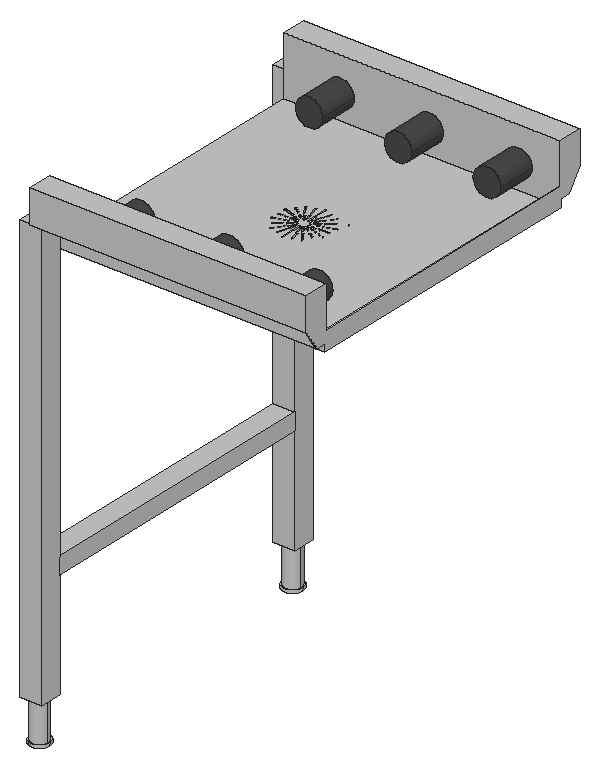
Revit family "QF_ELECTROLUXPROFESSIONAL_863138_HSSRC5", category Specialty Equipment, Revit 2018 (continued)
Automatic sketch dimensions
  curve 71 to plane 1 "Centro (Fronte/Retro)" = 16.071 mm
  curve 70 to curve 71 = 0.997 mm
  plane 1 "Centro (Fronte/Retro)" to curve 87 = 14.888 mm
  curve 88 to curve 87 = 0.295 mm
  curve 71 to plane 1 "Centro (Fronte/Retro)" = 15.164 mm
  curve 71 to curve 71 = 0.295 mm
  curve 17 to curve 18 = 50 mm
  curve 353 to curve 352 = 50 mm
  curve 345 to plane 4 "BACK" = 49.466 mm
  curve 18 to curve 345 = 110.714 mm
  curve 351 to curve 358 = 110.714 mm
  curve 345 to curve 345 = 50 mm
  curve 357 to curve 356 = 50 mm
  plane 5 "FRONT" to curve 357 = 49.466 mm
  plane 5 "FRONT" to curve 353 = 49.466 mm
  plane 5 "FRONT" to curve 348 = 49.466 mm
  curve 356 to curve 355 = 69.954 mm
  curve 348 to curve 348 = 69.954 mm
  curve 353 to curve 351 = 69.954 mm
  curve 119 to curve 125 = 6.439 mm
  curve 132 to curve 122 = 0.589 mm
  curve 123 to curve 269 = 3.807 mm
  curve 264 to curve 282 = 1.083 mm
  curve 202 to curve 185 = 0.05 mm
  curve 187 to curve 339 = 0.334 mm
  curve 189 to curve 43 = 3.807 mm
  curve 33 to curve 38 = 5.376 mm
  curve 344 to curve 344 = 69.954 mm
  curve 20 to curve 19 = 69.954 mm
  curve 13 to curve 17 = 0 mm
  curve 16 to plane 4 "BACK" = 49.466 mm
  plane 3 "LEFT" to curve 8 = 30 mm
  curve 317 to curve 181 = 3.865 mm
  curve 7 to curve 7 = 30 mm
  plane 5 "FRONT" to curve 6 = 45.021 mm
  curve 10 to curve 119 = 12.488 mm
  curve 11 to curve 100 = 4.349 mm
  curve 3 to curve 1 = 45.021 mm
  Extrusion 1 sketch curve to plane 3 "LEFT" = 41.168 mm
  Extrusion 1 sketch curve to plane 3 "LEFT" = 1.168 mm
  level to Extrusion 1 sketch curve = 270 mm
  Extrusion 1 sketch curve to Extrusion 1 sketch curve = 30 mm
  Extrusion 2 sketch curve to plane 5 "FRONT" = 0 mm
  Extrusion 2 sketch curve to plane 6 = 0 mm  (x2)
  Extrusion 2 sketch curve to plane 4 "BACK" = 0 mm
  plane 5 "FRONT" to Extrusion 2 sketch curve = 45.021 mm
  Extrusion 2 sketch curve to plane 4 "BACK" = 45.021 mm
  Extrusion 2 sketch curve to Extrusion 2 sketch curve = 59.967 mm  (x2)
  plane 5 "FRONT" to Extrusion 3 sketch curve = 43.536 mm
  Extrusion 3 sketch curve to Extrusion 3 sketch curve = 1.486 mm
  Extrusion 3 sketch curve to plane 4 "BACK" = 45.021 mm
  Extrusion 3 sketch curve to Extrusion 3 sketch curve = 1.529 mm
  Extrusion 3 sketch curve to plane 6 = 109.919 mm
  Extrusion 3 sketch curve to Extrusion 3 sketch curve = 3 mm
  Extrusion 3 sketch curve to Extrusion 3 sketch curve = 46.952 mm  (x2)
  Extrusion 4 sketch curve to plane 5 "FRONT" = 0 mm
  Extrusion 4 sketch curve to plane 6 = 0 mm  (x2)
  Extrusion 4 sketch curve to plane 4 "BACK" = 0 mm
  plane 5 "FRONT" to Extrusion 4 sketch curve = 23.764 mm
  Extrusion 4 sketch curve to Extrusion 4 sketch curve = 19.352 mm  (x2)
  plane 5 "FRONT" to Extrusion 4 sketch curve = 45.021 mm
  Extrusion 4 sketch curve to plane 4 "BACK" = 45.021 mm
  Extrusion 4 sketch curve to Extrusion 4 sketch curve = 1.905 mm
  Extrusion 4 sketch curve to Extrusion 4 sketch curve = 59.967 mm  (x2)
  Extrusion 4 sketch curve to Extrusion 4 sketch curve = 15.444 mm
  Extrusion 4 sketch curve to Extrusion 4 sketch curve = 20.221 mm  (x2)
  Extrusion 4 sketch curve to Extrusion 4 sketch curve = 14.287 mm
  Revolve 5 sketch curve to plane 1 "Centro (Fronte/Retro)" = 0 mm  (x2)
  plane 1 "Centro (Fronte/Retro)" to Revolve 5 sketch curve = 45.447 mm
  Revolve 5 sketch curve to Revolve 5 sketch curve = 1.52 mm
  Revolve 5 sketch curve to Revolve 5 sketch curve = 11.998 mm
  Revolve 5 sketch curve to Revolve 5 sketch curve = 4.762 mm
  Revolve 5 sketch curve to Revolve 5 sketch curve = 4.974 mm
  Revolve 5 sketch curve to plane 6 = 145.915 mm
  Revolve 5 sketch curve to Revolve 5 sketch curve = 5.727 mm
  Revolve 5 sketch curve to Revolve 5 sketch curve = 11.901 mm
  Revolve 5 sketch curve to Revolve 5 sketch curve = 3.704 mm
  Revolve 5 sketch curve to Revolve 5 sketch curve = 11.924 mm
  Revolve 5 sketch curve to Revolve 5 sketch curve = 2.681 mm
  Revolve 5 sketch curve to Revolve 5 sketch curve = 3 mm
  Revolve 5 sketch curve to Revolve 5 sketch curve = 14.991 mm
  Revolve 6 sketch curve to plane 1 "Centro (Fronte/Retro)" = 0 mm  (x2)
  Revolve 6 sketch curve to plane 1 "Centro (Fronte/Retro)" = 20.976 mm
  Revolve 6 sketch curve to plane 6 = 165.904 mm
  Revolve 6 sketch curve to plane 1 "Centro (Fronte/Retro)" = 23.516 mm
  Revolve 6 sketch curve to Revolve 6 sketch curve = 2.434 mm
  Revolve 6 sketch curve to Revolve 6 sketch curve = 8.043 mm
  Revolve 6 sketch curve to Revolve 6 sketch curve = 2.54 mm  (x2)
  Revolve 6 sketch curve to Revolve 6 sketch curve = 16.983 mm
  Revolve 6 sketch curve to Revolve 6 sketch curve = 3.127 mm
  Revolve 6 sketch curve to Revolve 6 sketch curve = 7.343 mm
  Masking region 1 sketch curve to plane 3 "LEFT" = 0 mm
  Masking region 1 sketch curve to plane 5 "FRONT" = 0 mm
  Masking region 1 sketch curve to plane 7 "RIGHT" = 0 mm
  Masking region 1 sketch curve to plane 4 "BACK" = 0 mm
  plane 3 "LEFT" to Extrusion 7 sketch curve = 85.624 mm
  Extrusion 7 sketch curve to plane 7 "RIGHT" = 92.376 mm
  Extrusion 7 sketch curve to plane 6 = 59.885 mm  (x3)
  Extrusion 18 sketch curve to plane 1 "Centro (Fronte/Retro)" = 0.162 mm
  Extrusion 18 sketch curve to plane 7 "RIGHT" = 271.468 mm
  plane 3 "LEFT" to Extrusion 29 sketch curve = 85.624 mm
  Extrusion 29 sketch curve to plane 7 "RIGHT" = 92.376 mm
  Extrusion 29 sketch curve to plane 6 = 59.885 mm  (x3)
  radius of Extrusion 7 sketch curve = 25 mm  (x3)
  radius of Extrusion 18 sketch curve = 5 mm
  radius of Extrusion 29 sketch curve = 25 mm  (x3)
Nested families
  nested 1: "Foot_40x40" at (-1059.929, 361.245, 0), type "Foot_40x40"
    with A 850.033 mm
  nested 2: "Foot_40x40" at (-1059.929, -211.771, 0), type "Foot_40x40"
    with A 850.033 mm
Connectors
  piping at (-778.761, 74.737, 744.096), diameter 30
    settings: on cut or joined group of Extrusion 2, Extrusion 3, Extrusion 4, Revolve 5, Revolve 6, Extrusion 8, Extrusion 9, Extrusion 10, Extrusion 11, Extrusion 12, Extrusion 13, Extrusion 14, Extrusion 15, Extrusion 16, Extrusion 17, Extrusion 19, Extrusion 20, Extrusion 21, Extrusion 22, Extrusion 23, Extrusion 24, Extrusion 25, Extrusion 26, Extrusion 27, Extrusion 28, index 1, connector inside diameter 609.6 mm, connector length 0 mm, flow factor 0, pipe flow 0.0 L/s, pressure drop 0.0 Pa, fitting loss kfactor 0, connector angle 0.00°, fixture units 0, engagement length 0 mm, angle of deflection 0.00°, flow configuration 1, flow direction 2, fitting loss method 0, system type 16, joint type 0, gender type 0, connector reference index -1, connector utility 0, adjustable connector no, is connector primary yes, connector description "Drain"
Definition of nested family "Foot_40x40"
  Parameters
    A [instance] = 850 mm
  Reference planes
    plane 1 "Centro (Fronte/Retro)": y = 0
    plane 2: z = 0
    plane 3 "Centro (Sinistra/Destra)": x = 0
    plane 4: z = 850
  Forms (mm)
    Extrusion 1, solid
      sketch origin (0, 0, 0) x (1, 0, 0) y (0, 1, 0)
        loop
          circle (0, 0) r 18
      from 0 to 5
    Extrusion 2, solid
      sketch origin (0, 0, 5) x (1, 0, 0) y (0, 1, 0)
        loop
          circle (0, 0) r 15
      from 0 to 70
    Extrusion 3, solid
      sketch origin (0, 0, 75) x (1, 0, 0) y (0, 1, 0)
        loop
          line (-20, 20) -> (-20, -20) -> (20, -20) -> (20, 20) -> (-20, 20)
      from 0 to 775
  Dimensions and locks
    "A": plane 4 to plane 2
    aligned and locked: level to plane 2
    aligned and locked: plane 4 to Extrusion 3
    aligned and locked: Extrusion 1 to level
  Automatic sketch dimensions
    plane 1 "Centro (Fronte/Retro)" to Extrusion 1 sketch curve = 0 mm
    Extrusion 1 sketch curve to plane 3 "Centro (Sinistra/Destra)" = 0 mm
    Extrusion 3 sketch curve to Extrusion 3 sketch curve = 40 mm  (x2)
    radius of Extrusion 1 sketch curve = 18 mm
    radius of Extrusion 2 sketch curve to Extrusion 1 = 3 mm
Types (2, lengths in mm): name | URL | Manufacturer | Model | Description
  (no name) | 0 | 0 | 0 | 0
  QF_ELECTROLUX_863138_HSSRC5 | "http://professional.electrolux.com" | "Electrolux" | "HSSRC5" | "CONVEYOR, SHORT ROLLERS, 500 MM"
